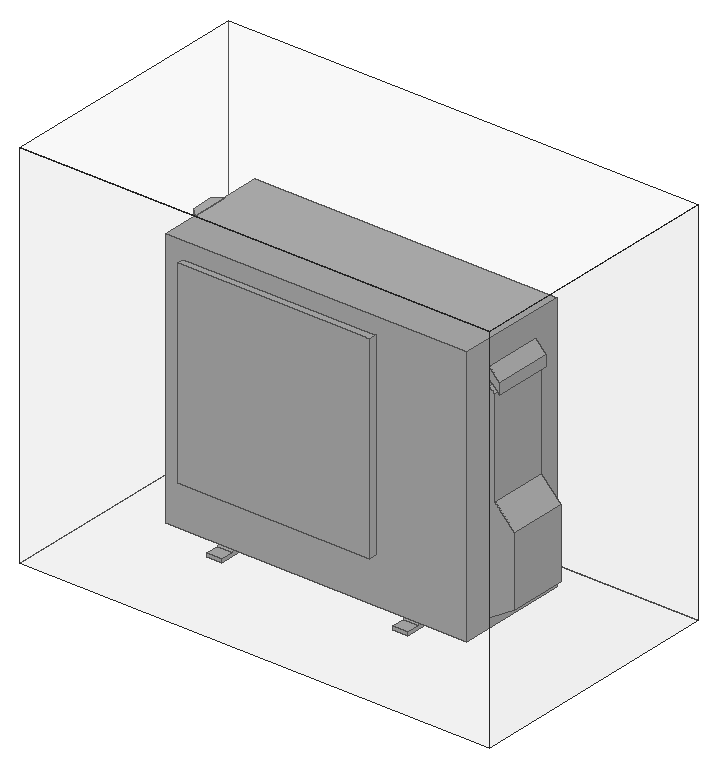
Revit family "ge-u722_50Hz", category 衛生器具, Revit 2019
Family settings
  丸型コネクタ寸法 = 直径を使用
  パーツ タイプ = 標準
  OmniClass 番号 = 23.75.10.17.17.11
  OmniClass タイトル = Heat Pumps, Heating Function
  作業面ベース = いいえ
  常に垂直 = はい
  ロード時にボイドで切り取り = いいえ
  共有 = いいえ
  部屋計算ポイント = いいえ
Parameters (values of type "ヒートポンプユニット_GE-U722_単相")
  騒音レベル(dB(A)) = 47
  電源種別 = "一般"
  電圧_補機 = 0 V
  電圧 = 0 V
  電動機出力_送風機 = 0.05 kW
  電動機出力_圧縮機 = 1.30 kW
  運転質量 = 55.00 kg
  質量 = 0.00 kg
  貯湯量 = 0.0 L
  負荷分類 = 1_熱源類
  耐震強度 = 0
  給湯量 [instance] = 0.0 L
  給湯能力 = 7.20 kW
  給湯管径 = 0 mm
  温水配管 = no
  温水出口温度_一次側 = 0 °C
  温水入口温度_一次側 = 0 °C
  減圧弁圧力 = 0.0 Pa
  沸き上げ温度範囲 = "約65～85℃"
  水配管 = no
  機械基礎質量 = 0
  機械基礎_W = 0 mm
  機械基礎_H = 0 mm
  機械基礎_D = 0 mm
  構成品番 = "GE-U722"
  極数 = 3
  最高給水圧力 = 0 kPa
  最高使用圧力 = 0.0 Pa
  最大電流値 = 0 A
  最低使用圧力 [instance] = 0 kPa
  推奨ブレーカー容量 = 0 A
  排水配管 = no
  排水管径 = 16 mm
  排気配管 = no
  名称 [instance] = ""
  吊り位置X = 500 mm
  吊り位置Y = 330 mm
  付属品_防振装置 = ""
  上水量 = 0.0 L
  上水管径 = 0 mm
  ユニット３ [instance] = no
  ユニット２ [instance] = no
  ユニット数 = 1
  ヒートポンプユニット運転音 冬期高温 （dB(A)) = 47
  ヒートポンプユニット運転音 冬期標準 （dB(A)) = 47
  ヒートポンプユニット運転音 中間期標準 （dB(A)) = 44
  ケーブルサイズ = 0 mm
  URL = "https://www.mitsubishielectric.co.jp/ldg/wink/ssl/displayProduct.do?pid=254748"
  S寸法 = 0 mm
  FamilyVersion = "ver1.6"
  説明 = "自然冷媒CO２小型業務用ヒートポンプ給湯機"
  設置方法 = "床置"
  記号 [instance] = ""
  製造元 = "三菱電機株式会社"
  製品質量 = 55.00 kg
  製品出荷対象 = "国内"
  製品リリース年月 = "2015/02/27"
  製品グループ = ""
  系統 [instance] = ""
  符号 = "WHP"
  積算_科目 = "8 給湯設備"
  積算_拾い区分 [instance] = ""
  盤記号 [instance] = ""
  発停方法 = ""
  特殊仕様 [instance] = ""
  消費電力 = 1.67 kW
  法定耐用年数 = "15"
  材質 [instance] = ""
  形式 = "業務用ヒートポンプ給湯機"
  幹線記号 = ""
  始動方式 = ""
  呼称 = "ヒートポンプ給湯機"
  周波数 = 50 Hz
  参照している仕様書等のバージョン = "公共建築工事標準仕様書（機械設備工事編）平成31年度版"
  分類コード = "50056502300030"
  分類グループ = ""
  企業コード = "108420"
  仕様書バージョン = "Version1.0"
  Model = ""
  サービススペース = yes
  コメント [instance] = ""
  Width = 879 mm
  Version = ""
  Uniclass2015Version = "Systems v1.9"
  Uniclass2015Title = "Air to water heat pumps"
  Uniclass2015Code = "Pr_70_60_37_04"
  SpecificationReference = ""
  SpecificationDescription = ""
  Revision = ""
  ProductInformation = ""
  OmniClassCode = "23-33 17 11 11"
  IfcTypeProduct = ""
  IfcProduct = ""
  IfcExportType = "USERDEFINED"
  IfcExportAs = "IfcPumpType"
  Height = 715 mm
  Depth = 300 mm
  価格 = 0
  Clearance Top = 1000 mm
  Clearance Right = 300 mm
  Clearance Left = 150 mm
  Clearance Front = 300 mm
  Clearance Bottom = 0 mm
  Clearance Back = 100 mm
  Author = "三菱電機株式会社"
Types (3, lengths in mm): name | 運転質量 | 構成品番 | URL | 製品質量
  (no name) | 55.00 kg | "GE-U722" | "https://www.mitsubishielectric.co.jp/ldg/wink/ssl/displayProduct.do?pid=254748" | 55.00 kg
  ヒートポンプユニット_GE-U722S_三相 | 53.00 kg | "GE-U722S" | "https://www.mitsubishielectric.co.jp/ldg/wink/ssl/displayProduct.do?pid=254749" | 53.00 kg
  ヒートポンプユニット_GE-U722_単相 | 55.00 kg | "GE-U722" | "https://www.mitsubishielectric.co.jp/ldg/wink/ssl/displayProduct.do?pid=254748" | 55.00 kg
Reference planes
  plane 1 "中心(正面/背面)": y = 0
  plane 2: z = 0
  plane 3 "中心(左/右)": x = 0
  plane 4: z = 715
  plane 5: z = 0
  plane 6: z = 0
  plane 7: z = 1000
  plane 8: x = 404.5
  plane 9: y = 0
  plane 10: y = -300
  plane 11: y = -300
  plane 12: x = 404.5
  plane 13: x = -554.5
  plane 14: x = 704.5
  plane 15: y = 100
  plane 16: y = -600
  plane 17: x = -404.5
  plane 18: y = -315
  plane 19: x = -250
  plane 20: x = 250
  plane 21: x = 474.5
  plane 22: y = 0
Dimensions and locks
  "Height": plane 4 to level
  level to plane 6 = 0 mm
  "Clearance Right": plane 8 to plane 14
  "Clearance Front": plane 16 to plane 11
  "Clearance Left": plane 13 to plane 17
  equal spacing: plane 17, plane 3 "中心(左/右)", plane 12
  "Clearance Back": plane 9 to plane 15
  equal spacing: plane 19, plane 3 "中心(左/右)", plane 20
  "吊り位置X": plane 19 to plane 20
  "Clearance Top": plane 7 to level
  "Width": plane 17 to plane 21
  "Depth": plane 11 to plane 22
  "吊り位置Y": nested 2 to plane 22
  aligned and locked: level to plane 2
  aligned and locked: plane 13 to nested 1
  aligned and locked: plane 14 to nested 1
  aligned and locked: plane 16 to nested 1
  aligned and locked: plane 15 to nested 1
  aligned and locked: nested 2 to plane 20
  aligned and locked: plane 19 to nested 2
  aligned and locked: plane 9 to nested 3
  aligned and locked: nested 1 to plane 7
Nested families
  nested 1: "サービススペース" at (75, -250, 500), visible <- "サービススペース", type "サービススペース"
    with Width 1259 mm, Height 1000 mm, Depth 700 mm
  nested 2: "固定点" at (-250, -330, 0), D <- "吊り位置Y", W <- "吊り位置X", type "固定点"
    with W 500 mm, D 330 mm
  nested 3: "ヒートポンプユニット" at (0, 0, 0), type "ヒートポンプユニット"
Connectors
  electrical at (439.5, -63, 247), driven by "負荷分類", driven by "電圧", driven by "消費電力", driven by "極数"
    settings: on nested 3, index 1, voltage 0 V, apparent load 1670 VA, apparent load phase1 0 VA, apparent load phase2 0 VA, apparent load phase3 0 VA, power factor 1, load classification "1_熱源類", number of poles 3, system type 30, power factor state 1, is connector primary yes, connector utility no, sub classification motor no, connector description ""
  piping at (439.5, -63, 207), driven by "給湯管径"
    settings: on nested 3, index 2, connector diameter 0 mm, connector inside diameter 609.6 mm, connector length 0 mm, flow factor 0, pipe flow 0.0 L/s, pressure drop 0 kPa, fitting loss kfactor 0, connector angle 0.00°, fixture units 0, engagement length 0 mm, angle of deflection 0.00°, flow configuration 1, flow direction 2, fitting loss method 4, system type 7, joint type 0, gender type 0, connector reference index -1, connector utility 0, adjustable connector no, is connector primary yes, connector description ""
  piping at (439.5, -63, 127), driven by "上水管径"
    settings: on nested 3, index 4, connector diameter 0 mm, connector inside diameter 609.6 mm, connector length 0 mm, flow factor 0, pipe flow 0.0 L/s, pressure drop 0 kPa, fitting loss kfactor 0, connector angle 0.00°, fixture units 0, engagement length 0 mm, angle of deflection 0.00°, flow configuration 1, flow direction 1, fitting loss method 4, system type 7, joint type 0, gender type 0, connector reference index -1, connector utility 0, adjustable connector no, is connector primary no, connector description ""
  piping at (0, 3.507, -16.056), diameter 16, driven by "排水管径"
    settings: on nested 3, index 5, connector inside diameter 609.6 mm, connector length 0 mm, flow factor 0, pipe flow 0.0 L/s, pressure drop 0 kPa, fitting loss kfactor 0, connector angle 0.00°, fixture units 0, engagement length 0 mm, angle of deflection 0.00°, flow configuration 1, flow direction 2, fitting loss method 4, system type 16, joint type 0, gender type 0, connector reference index -1, connector utility 0, adjustable connector no, is connector primary no, connector description ""
Definition of nested family "サービススペース"
  Parameters (values of type "サービススペース")
    Width [instance] = 500 mm
    Height [instance] = 500 mm
    Depth [instance] = 500 mm
  Reference planes
    plane 1 "中心(正面/背面)": y = 0
    plane 2: z = 0
    plane 3 "中心(左/右)": x = 0
    plane 4: y = -250
    plane 5: x = 250
    plane 6: y = 250
    plane 7: x = -250
    plane 8: z = 250
    plane 9: z = -250
  Forms (mm)
    Extrusion 1, solid
      sketch origin (-638.939, 0, 72.39) x (1, 0, 0) y (0, 1, 0)
        loop
          line (388.939, 250) -> (388.939, -250) -> (888.939, -250) -> (888.939, 250) -> (388.939, 250)
      from -322.39 to 177.61
  Lines and regions (mm)
    symbolic lines
      curve 1: line (-250, 0, 250) -> (250, 0, 250)
      curve 2: line (-250, 0, -250) -> (-250, 0, 250)
      curve 3: line (250, 0, -250) -> (-250, 0, -250)
      curve 4: line (250, 0, 250) -> (250, 0, -250)
      curve 5: line (0, -250, 250) -> (0, 250, 250)
      curve 6: line (0, -250, -250) -> (0, -250, 250)
      curve 7: line (0, 250, -250) -> (0, -250, -250)
      curve 8: line (0, 250, 250) -> (0, 250, -250)
      curve 9: line (-250, 250, 0) -> (250, 250, 0)
      curve 10: line (-250, -250, 0) -> (-250, 250, 0)
      curve 11: line (250, -250, 0) -> (-250, -250, 0)
      curve 12: line (250, 250, 0) -> (250, -250, 0)
  Dimensions and locks
    equal spacing: plane 7, plane 3 "中心(左/右)", plane 5
    equal spacing: plane 4, plane 1 "中心(正面/背面)", plane 6
    "Depth": plane 4 to plane 6
    "Width": plane 7 to plane 5
    equal spacing: plane 8, plane 2, plane 9
    "Height": plane 8 to plane 9
    aligned and locked: plane 9 to curve 3
    aligned and locked: plane 7 to curve 2
    aligned and locked: curve 4 to plane 5
    aligned and locked: plane 5 to Extrusion 1
    aligned and locked: Extrusion 1 to plane 7
    aligned and locked: Extrusion 1 to plane 9
    aligned and locked: plane 8 to Extrusion 1
    aligned and locked: plane 9 to curve 7
  Automatic sketch dimensions
    plane 4 to Extrusion 1 sketch curve = 0 mm
    Extrusion 1 sketch curve to plane 7 = 0 mm
    Extrusion 1 sketch curve to plane 5 = 0 mm
    plane 6 to Extrusion 1 sketch curve = 0 mm
    curve 2 to plane 8 = 0 mm
    plane 4 to curve 11 = 0 mm
    curve 11 to plane 7 = 0 mm
    curve 11 to plane 5 = 0 mm
    plane 6 to curve 10 = 0 mm
    curve 7 to plane 4 = 0 mm
    curve 7 to plane 6 = 0 mm
    curve 6 to plane 8 = 0 mm
Definition of nested family "ヒートポンプユニット"
  Parameters (values of type "ヒートポンプユニット")
    ﾋｰﾄﾎﾟﾝﾌﾟﾕﾆｯﾄ配管口(B)_Z = 207 mm
    ﾋｰﾄﾎﾟﾝﾌﾟﾕﾆｯﾄ配管口(A) = 127 mm
    本体高さ = 715 mm
    本体幅 = 809 mm
    本体奥行 = 300 mm
  Reference planes
    plane 1 "中心(正面/背面)": y = 0
    plane 2: z = 0
    plane 3 "中心(左/右)": x = 0
    plane 4: y = -300
    plane 5: x = -404.5
    plane 6: x = 404.5
    plane 7: x = -250
    plane 8: x = 250
    plane 9: y = -315
    plane 10: y = 15
    plane 11: y = 30
    plane 12: y = -330
    plane 13: x = -425.5
    plane 14: x = 474.5
    plane 15: z = 406
    plane 16: z = 715
    plane 17: z = 127
    plane 18: z = 207
    plane 19: x = 269.5
    plane 20: x = 229.5
    plane 21: x = -269.5
    plane 22: x = -229.5
    plane 23: x = 439.5
    plane 24: z = 247
  Forms (mm)
    Extrusion 1, solid
      sketch origin (0, -150, 0) x (1, 0, 0) y (0, 0, 1)
        loop
          line (-404.5, 715) -> (-404.5, 20) -> (404.5, 20) -> (404.5, 715) -> (-404.5, 715)
      from -150 to 150
    Extrusion 2, solid
      sketch origin (0, -150, 0) x (0, 1, 0) y (0, 0, 1)
        loop
          line (-180, 0) -> (0, 0) -> (180, 0) -> (180, 8) -> (143.237, 8) -> (136.309, 20) -> (0, 20) -> (-136.309, 20) -> (-143.237, 8) -> (-180, 8) -> (-180, 0)
      from 229.5 to 269.5
    Extrusion 3, solid
      sketch origin (0, -150, 0) x (0, 1, 0) y (0, 0, -1)
        loop
          line (-180, 0) -> (-180, -8) -> (-143.237, -8) -> (-136.309, -20) -> (0, -20) -> (136.309, -20) -> (143.237, -8) -> (180, -8) -> (180, 0) -> (0, 0) -> (-180, 0)
      from 229.5 to 269.5
    Extrusion 4, solid
      sketch origin (-357.101, -150, 0) x (0, 1, 0) y (0, 0, 1)
        loop
          line (-150, 670) -> (-170, 670) -> (-170, 142) -> (-150, 142) -> (-150, 670)
      from 0 to 516
    Extrusion 5, solid
      sketch origin (2.5, -150, 0) x (1, 0, 0) y (0, 0, 1)
        loop
          line (402, 45) -> (472, 88.741) -> (472, 273.028) -> (417.5, 327.528) -> (417.5, 587.528) -> (402, 603.028) -> (402, 45)
        loop
          line (402, 620) -> (417.5, 604.5) -> (431.642, 590.358) -> (431.642, 620.358) -> (402, 650) -> (402, 620)
      from -77 to 77
    Extrusion 6, solid
      sketch origin (0, -150, 0) x (1, 0, 0) y (0, 1, 0)
        loop
          line (-404.5, -49.5) -> (-404.5, 49.5) -> (-425.5, 28.5) -> (-425.5, -28.5) -> (-404.5, -49.5)
      from 689 to 715
    Extrusion 7, solid
      sketch origin (0, -150, 0) x (1, 0, 0) y (0, 0, 1)
        loop
          circle (439.5, 127) r 10.85
      from -77 to -87
    Extrusion 8, solid
      sketch origin (0, -150, 80) x (1, 0, 0) y (0, 0, 1)
        loop
          circle (439.5, 127) r 10.85
      from -77 to -87
    Sweep 9, solid
      path origin (0, -150, 0) x (0, 1, 0) y (0, 0, 1)
        loop
          line (93, 20) -> (93, -5.173)
          arc (93, -5.173) -> (95.867, -12.182) -> (102.825, -15.172) r 10
          line (102.825, -15.172) -> (153.507, -16.056)
      profile origin (0, -57, 7.413) x (1, 0, 0) y (0, 1, 0)
        loop
          circle (0, 0) r 8
    Extrusion 10, solid
      sketch origin (0, -150, 120) x (1, 0, 0) y (0, 0, 1)
        loop
          circle (439.5, 127) r 10.85
      from -77 to -87
  Lines and regions (mm)
    model lines, detail levels fine
      curve 1: line (-327.101, -320, 670) -> (-327.101, -320, 142)
      curve 2: line (-296.447, -320, 670) -> (-296.447, -320, 142)
      curve 3: line (-265.793, -320, 670) -> (-265.793, -320, 142)
      curve 4: line (-235.139, -320, 670) -> (-235.139, -320, 142)
      curve 5: line (-204.485, -320, 670) -> (-204.485, -320, 142)
      curve 6: line (-173.832, -320, 670) -> (-173.832, -320, 142)
      curve 7: line (-143.178, -320, 670) -> (-143.178, -320, 142)
      curve 8: line (-112.524, -320, 670) -> (-112.524, -320, 142)
      curve 9: line (-81.87, -320, 670) -> (-81.87, -320, 142)
      curve 10: line (-51.216, -320, 670) -> (-51.216, -320, 142)
      curve 11: line (-20.562, -320, 670) -> (-20.562, -320, 142)
      curve 12: line (10.092, -320, 670) -> (10.092, -320, 142)
      curve 13: line (40.745, -320, 670) -> (40.745, -320, 142)
      curve 14: line (-357.101, -320, 631.463) -> (158.899, -320, 631.463)
      curve 15: line (-357.101, -320, 546.463) -> (158.899, -320, 546.463)
      curve 16: line (-357.101, -320, 451.463) -> (158.899, -320, 451.463)
      curve 17: line (-357.101, -320, 183.537) -> (158.899, -320, 183.537)
      curve 18: line (-357.101, -320, 268.537) -> (158.899, -320, 268.537)
      curve 19: line (-357.101, -320, 363.537) -> (158.899, -320, 363.537)
      curve 20: line (-357.101, -320, 670) -> (158.899, -320, 670)
      curve 21: line (158.899, -320, 670) -> (158.899, -320, 142)
      curve 22: line (158.899, -320, 142) -> (-357.101, -320, 142)
      curve 23: line (-357.101, -320, 142) -> (-357.101, -320, 670)
      curve 24: line (71.399, -320, 670) -> (71.399, -320, 142)
      curve 25: line (102.053, -320, 670) -> (102.053, -320, 142)
      curve 26: line (132.707, -320, 670) -> (132.707, -320, 142)
      curve 27: line (-404.5, -162.5, 669.328) -> (-404.5, -227.5, 669.328)
      curve 28: line (-404.5, -162.5, 650.934) -> (-404.5, -162.5, 669.328)
      curve 29: line (-404.5, -227.5, 650.934) -> (-404.5, -162.5, 650.934)
      curve 30: line (-404.5, -227.5, 669.328) -> (-404.5, -227.5, 650.934)
      curve 31: line (-404.5, -136.25, 669.328) -> (-404.5, -71.25, 669.328)
      curve 32: line (-404.5, -136.25, 650.934) -> (-404.5, -136.25, 669.328)
      curve 33: line (-404.5, -71.25, 650.934) -> (-404.5, -136.25, 650.934)
      curve 34: line (-404.5, -71.25, 669.328) -> (-404.5, -71.25, 650.934)
      curve 35: line (-404.5, -162.5, 639.328) -> (-404.5, -227.5, 639.328)
      curve 36: line (-404.5, -162.5, 620.934) -> (-404.5, -162.5, 639.328)
      curve 37: line (-404.5, -227.5, 620.934) -> (-404.5, -162.5, 620.934)
      curve 38: line (-404.5, -227.5, 639.328) -> (-404.5, -227.5, 620.934)
      curve 39: line (-404.5, -136.25, 639.328) -> (-404.5, -71.25, 639.328)
      curve 40: line (-404.5, -136.25, 620.934) -> (-404.5, -136.25, 639.328)
      curve 41: line (-404.5, -71.25, 620.934) -> (-404.5, -136.25, 620.934)
      curve 42: line (-404.5, -71.25, 639.328) -> (-404.5, -71.25, 620.934)
      curve 43: line (-404.5, -162.5, 609.328) -> (-404.5, -227.5, 609.328)
      curve 44: line (-404.5, -162.5, 590.934) -> (-404.5, -162.5, 609.328)
      curve 45: line (-404.5, -227.5, 590.934) -> (-404.5, -162.5, 590.934)
      curve 46: line (-404.5, -227.5, 609.328) -> (-404.5, -227.5, 590.934)
      curve 47: line (-404.5, -136.25, 609.328) -> (-404.5, -71.25, 609.328)
      curve 48: line (-404.5, -136.25, 590.934) -> (-404.5, -136.25, 609.328)
      curve 49: line (-404.5, -71.25, 590.934) -> (-404.5, -136.25, 590.934)
      curve 50: line (-404.5, -71.25, 609.328) -> (-404.5, -71.25, 590.934)
      curve 51: line (-404.5, -162.5, 579.328) -> (-404.5, -227.5, 579.328)
      curve 52: line (-404.5, -162.5, 560.934) -> (-404.5, -162.5, 579.328)
      curve 53: line (-404.5, -227.5, 560.934) -> (-404.5, -162.5, 560.934)
      curve 54: line (-404.5, -227.5, 579.328) -> (-404.5, -227.5, 560.934)
      curve 55: line (-404.5, -136.25, 579.328) -> (-404.5, -71.25, 579.328)
      curve 56: line (-404.5, -136.25, 560.934) -> (-404.5, -136.25, 579.328)
      curve 57: line (-404.5, -71.25, 560.934) -> (-404.5, -136.25, 560.934)
      curve 58: line (-404.5, -71.25, 579.328) -> (-404.5, -71.25, 560.934)
      curve 59: line (-404.5, -162.5, 549.328) -> (-404.5, -227.5, 549.328)
      curve 60: line (-404.5, -162.5, 530.934) -> (-404.5, -162.5, 549.328)
      curve 61: line (-404.5, -227.5, 530.934) -> (-404.5, -162.5, 530.934)
      curve 62: line (-404.5, -227.5, 549.328) -> (-404.5, -227.5, 530.934)
      curve 63: line (-404.5, -136.25, 549.328) -> (-404.5, -71.25, 549.328)
      curve 64: line (-404.5, -136.25, 530.934) -> (-404.5, -136.25, 549.328)
      curve 65: line (-404.5, -71.25, 530.934) -> (-404.5, -136.25, 530.934)
      curve 66: line (-404.5, -71.25, 549.328) -> (-404.5, -71.25, 530.934)
      curve 67: line (-404.5, -162.5, 519.328) -> (-404.5, -227.5, 519.328)
      curve 68: line (-404.5, -162.5, 500.934) -> (-404.5, -162.5, 519.328)
      curve 69: line (-404.5, -227.5, 500.934) -> (-404.5, -162.5, 500.934)
      curve 70: line (-404.5, -227.5, 519.328) -> (-404.5, -227.5, 500.934)
      curve 71: line (-404.5, -136.25, 519.328) -> (-404.5, -71.25, 519.328)
      curve 72: line (-404.5, -136.25, 500.934) -> (-404.5, -136.25, 519.328)
      curve 73: line (-404.5, -71.25, 500.934) -> (-404.5, -136.25, 500.934)
      curve 74: line (-404.5, -71.25, 519.328) -> (-404.5, -71.25, 500.934)
      curve 75: line (-404.5, -162.5, 489.328) -> (-404.5, -227.5, 489.328)
      curve 76: line (-404.5, -162.5, 470.934) -> (-404.5, -162.5, 489.328)
      curve 77: line (-404.5, -227.5, 470.934) -> (-404.5, -162.5, 470.934)
      curve 78: line (-404.5, -227.5, 489.328) -> (-404.5, -227.5, 470.934)
      curve 79: line (-404.5, -136.25, 489.328) -> (-404.5, -71.25, 489.328)
      curve 80: line (-404.5, -136.25, 470.934) -> (-404.5, -136.25, 489.328)
      curve 81: line (-404.5, -71.25, 470.934) -> (-404.5, -136.25, 470.934)
      curve 82: line (-404.5, -71.25, 489.328) -> (-404.5, -71.25, 470.934)
      curve 83: line (-404.5, -162.5, 459.328) -> (-404.5, -227.5, 459.328)
      curve 84: line (-404.5, -162.5, 440.934) -> (-404.5, -162.5, 459.328)
      curve 85: line (-404.5, -227.5, 440.934) -> (-404.5, -162.5, 440.934)
      curve 86: line (-404.5, -227.5, 459.328) -> (-404.5, -227.5, 440.934)
      curve 87: line (-404.5, -136.25, 459.328) -> (-404.5, -71.25, 459.328)
      curve 88: line (-404.5, -136.25, 440.934) -> (-404.5, -136.25, 459.328)
      curve 89: line (-404.5, -71.25, 440.934) -> (-404.5, -136.25, 440.934)
      curve 90: line (-404.5, -71.25, 459.328) -> (-404.5, -71.25, 440.934)
      curve 91: line (-404.5, -162.5, 429.328) -> (-404.5, -227.5, 429.328)
      curve 92: line (-404.5, -162.5, 410.934) -> (-404.5, -162.5, 429.328)
      curve 93: line (-404.5, -227.5, 410.934) -> (-404.5, -162.5, 410.934)
      curve 94: line (-404.5, -227.5, 429.328) -> (-404.5, -227.5, 410.934)
      curve 95: line (-404.5, -136.25, 429.328) -> (-404.5, -71.25, 429.328)
      curve 96: line (-404.5, -136.25, 410.934) -> (-404.5, -136.25, 429.328)
      curve 97: line (-404.5, -71.25, 410.934) -> (-404.5, -136.25, 410.934)
      curve 98: line (-404.5, -71.25, 429.328) -> (-404.5, -71.25, 410.934)
      curve 99: line (-404.5, -162.5, 399.328) -> (-404.5, -227.5, 399.328)
      curve 100: line (-404.5, -162.5, 380.934) -> (-404.5, -162.5, 399.328)
      curve 101: line (-404.5, -227.5, 380.934) -> (-404.5, -162.5, 380.934)
      curve 102: line (-404.5, -227.5, 399.328) -> (-404.5, -227.5, 380.934)
      curve 103: line (-404.5, -136.25, 399.328) -> (-404.5, -71.25, 399.328)
      curve 104: line (-404.5, -136.25, 380.934) -> (-404.5, -136.25, 399.328)
      curve 105: line (-404.5, -71.25, 380.934) -> (-404.5, -136.25, 380.934)
      curve 106: line (-404.5, -71.25, 399.328) -> (-404.5, -71.25, 380.934)
      curve 107: line (-404.5, -162.5, 369.328) -> (-404.5, -227.5, 369.328)
      curve 108: line (-404.5, -162.5, 350.934) -> (-404.5, -162.5, 369.328)
      curve 109: line (-404.5, -227.5, 350.934) -> (-404.5, -162.5, 350.934)
      curve 110: line (-404.5, -227.5, 369.328) -> (-404.5, -227.5, 350.934)
      curve 111: line (-404.5, -136.25, 369.328) -> (-404.5, -71.25, 369.328)
      curve 112: line (-404.5, -136.25, 350.934) -> (-404.5, -136.25, 369.328)
      curve 113: line (-404.5, -71.25, 350.934) -> (-404.5, -136.25, 350.934)
      curve 114: line (-404.5, -71.25, 369.328) -> (-404.5, -71.25, 350.934)
      curve 115: line (-404.5, -162.5, 339.328) -> (-404.5, -227.5, 339.328)
      curve 116: line (-404.5, -162.5, 320.934) -> (-404.5, -162.5, 339.328)
      curve 117: line (-404.5, -227.5, 320.934) -> (-404.5, -162.5, 320.934)
      curve 118: line (-404.5, -227.5, 339.328) -> (-404.5, -227.5, 320.934)
      curve 119: line (-404.5, -136.25, 339.328) -> (-404.5, -71.25, 339.328)
      curve 120: line (-404.5, -136.25, 320.934) -> (-404.5, -136.25, 339.328)
      curve 121: line (-404.5, -71.25, 320.934) -> (-404.5, -136.25, 320.934)
      curve 122: line (-404.5, -71.25, 339.328) -> (-404.5, -71.25, 320.934)
      curve 123: line (-404.5, -162.5, 309.328) -> (-404.5, -227.5, 309.328)
      curve 124: line (-404.5, -162.5, 290.934) -> (-404.5, -162.5, 309.328)
      curve 125: line (-404.5, -227.5, 290.934) -> (-404.5, -162.5, 290.934)
      curve 126: line (-404.5, -227.5, 309.328) -> (-404.5, -227.5, 290.934)
      curve 127: line (-404.5, -136.25, 309.328) -> (-404.5, -71.25, 309.328)
      curve 128: line (-404.5, -136.25, 290.934) -> (-404.5, -136.25, 309.328)
      curve 129: line (-404.5, -71.25, 290.934) -> (-404.5, -136.25, 290.934)
      curve 130: line (-404.5, -71.25, 309.328) -> (-404.5, -71.25, 290.934)
      curve 131: line (-404.5, -162.5, 279.328) -> (-404.5, -227.5, 279.328)
      curve 132: line (-404.5, -162.5, 260.934) -> (-404.5, -162.5, 279.328)
      curve 133: line (-404.5, -227.5, 260.934) -> (-404.5, -162.5, 260.934)
      curve 134: line (-404.5, -227.5, 279.328) -> (-404.5, -227.5, 260.934)
      curve 135: line (-404.5, -136.25, 279.328) -> (-404.5, -71.25, 279.328)
      curve 136: line (-404.5, -136.25, 260.934) -> (-404.5, -136.25, 279.328)
      curve 137: line (-404.5, -71.25, 260.934) -> (-404.5, -136.25, 260.934)
      curve 138: line (-404.5, -71.25, 279.328) -> (-404.5, -71.25, 260.934)
      curve 139: line (-404.5, -162.5, 249.328) -> (-404.5, -227.5, 249.328)
      curve 140: line (-404.5, -162.5, 230.934) -> (-404.5, -162.5, 249.328)
      curve 141: line (-404.5, -227.5, 230.934) -> (-404.5, -162.5, 230.934)
      curve 142: line (-404.5, -227.5, 249.328) -> (-404.5, -227.5, 230.934)
      curve 143: line (-404.5, -136.25, 249.328) -> (-404.5, -71.25, 249.328)
      curve 144: line (-404.5, -136.25, 230.934) -> (-404.5, -136.25, 249.328)
      curve 145: line (-404.5, -71.25, 230.934) -> (-404.5, -136.25, 230.934)
      curve 146: line (-404.5, -71.25, 249.328) -> (-404.5, -71.25, 230.934)
      curve 147: line (-404.5, -162.5, 219.328) -> (-404.5, -227.5, 219.328)
      curve 148: line (-404.5, -162.5, 200.934) -> (-404.5, -162.5, 219.328)
      curve 149: line (-404.5, -227.5, 200.934) -> (-404.5, -162.5, 200.934)
      curve 150: line (-404.5, -227.5, 219.328) -> (-404.5, -227.5, 200.934)
      curve 151: line (-404.5, -136.25, 219.328) -> (-404.5, -71.25, 219.328)
      curve 152: line (-404.5, -136.25, 200.934) -> (-404.5, -136.25, 219.328)
      curve 153: line (-404.5, -71.25, 200.934) -> (-404.5, -136.25, 200.934)
      curve 154: line (-404.5, -71.25, 219.328) -> (-404.5, -71.25, 200.934)
      curve 155: line (-404.5, -162.5, 189.328) -> (-404.5, -227.5, 189.328)
      curve 156: line (-404.5, -162.5, 170.934) -> (-404.5, -162.5, 189.328)
      curve 157: line (-404.5, -227.5, 170.934) -> (-404.5, -162.5, 170.934)
      curve 158: line (-404.5, -227.5, 189.328) -> (-404.5, -227.5, 170.934)
      curve 159: line (-404.5, -136.25, 189.328) -> (-404.5, -71.25, 189.328)
      curve 160: line (-404.5, -136.25, 170.934) -> (-404.5, -136.25, 189.328)
      curve 161: line (-404.5, -71.25, 170.934) -> (-404.5, -136.25, 170.934)
      curve 162: line (-404.5, -71.25, 189.328) -> (-404.5, -71.25, 170.934)
      curve 163: line (-404.5, -162.5, 159.328) -> (-404.5, -227.5, 159.328)
      curve 164: line (-404.5, -162.5, 140.934) -> (-404.5, -162.5, 159.328)
      curve 165: line (-404.5, -227.5, 140.934) -> (-404.5, -162.5, 140.934)
      curve 166: line (-404.5, -227.5, 159.328) -> (-404.5, -227.5, 140.934)
      curve 167: line (-404.5, -136.25, 159.328) -> (-404.5, -71.25, 159.328)
      curve 168: line (-404.5, -136.25, 140.934) -> (-404.5, -136.25, 159.328)
      curve 169: line (-404.5, -71.25, 140.934) -> (-404.5, -136.25, 140.934)
      curve 170: line (-404.5, -71.25, 159.328) -> (-404.5, -71.25, 140.934)
      curve 171: line (-404.5, -162.5, 129.328) -> (-404.5, -227.5, 129.328)
      curve 172: line (-404.5, -162.5, 110.934) -> (-404.5, -162.5, 129.328)
      curve 173: line (-404.5, -227.5, 110.934) -> (-404.5, -162.5, 110.934)
      curve 174: line (-404.5, -227.5, 129.328) -> (-404.5, -227.5, 110.934)
      curve 175: line (-404.5, -136.25, 129.328) -> (-404.5, -71.25, 129.328)
      curve 176: line (-404.5, -136.25, 110.934) -> (-404.5, -136.25, 129.328)
      curve 177: line (-404.5, -71.25, 110.934) -> (-404.5, -136.25, 110.934)
      curve 178: line (-404.5, -71.25, 129.328) -> (-404.5, -71.25, 110.934)
      curve 179: line (-404.5, -162.5, 99.328) -> (-404.5, -227.5, 99.328)
      curve 180: line (-404.5, -162.5, 80.934) -> (-404.5, -162.5, 99.328)
      curve 181: line (-404.5, -227.5, 80.934) -> (-404.5, -162.5, 80.934)
      curve 182: line (-404.5, -227.5, 99.328) -> (-404.5, -227.5, 80.934)
      curve 183: line (-404.5, -136.25, 99.328) -> (-404.5, -71.25, 99.328)
      curve 184: line (-404.5, -136.25, 80.934) -> (-404.5, -136.25, 99.328)
      curve 185: line (-404.5, -71.25, 80.934) -> (-404.5, -136.25, 80.934)
      curve 186: line (-404.5, -71.25, 99.328) -> (-404.5, -71.25, 80.934)
  Dimensions and locks
    equal spacing: plane 5, plane 3 "中心(左/右)", plane 6
    "本体幅": plane 5 to plane 6
    equal spacing: plane 7, plane 3 "中心(左/右)", plane 8
    plane 7 to plane 8 = 500 mm
    "本体奥行": plane 4 to plane 1 "中心(正面/背面)"
    locked: plane 9 to plane 10 at 330
    locked: plane 12 to plane 11 at 360
    plane 1 "中心(正面/背面)" to plane 10 to plane 11 = 15 mm, 15 mm
    plane 12 to plane 9 to plane 4 = 15 mm locked, 15 mm locked
    plane 13 to plane 5 = 21 mm
    plane 6 to plane 14 = 70 mm
    plane 15 to plane 2 = 406 mm
    "本体高さ": plane 16 to level
    "ﾋｰﾄﾎﾟﾝﾌﾟﾕﾆｯﾄ配管口(A)": plane 17 to plane 2
    "ﾋｰﾄﾎﾟﾝﾌﾟﾕﾆｯﾄ配管口(B)_Z": plane 18 to plane 2
    plane 22 to plane 21 = 40 mm
    plane 20 to plane 19 = 40 mm
    plane 6 to plane 23 = 35 mm
    locked: plane 24 to plane 18 at 40
    aligned and locked: level to plane 2
    aligned and locked: plane 12 to Extrusion 3
    aligned and locked: Extrusion 3 to plane 11
    aligned and locked: Extrusion 2 to plane 11
    aligned and locked: plane 12 to Extrusion 2
    aligned and locked: Extrusion 6 to plane 13
    aligned and locked: Extrusion 5 to plane 14
    aligned and locked: plane 19 to Extrusion 2
    aligned and locked: plane 20 to Extrusion 2
    aligned and locked: plane 22 to Extrusion 3
    aligned and locked: Extrusion 3 to plane 21
    aligned and locked: plane 18 to Extrusion 8 sketch curve
    aligned and locked: plane 23 to Extrusion 8 sketch curve
    aligned and locked: plane 17 to Extrusion 7 sketch curve
    aligned and locked: plane 23 to Extrusion 7 sketch curve
    aligned and locked: plane 24 to Extrusion 10 sketch curve
    aligned and locked: plane 23 to Extrusion 10 sketch curve
  Automatic sketch dimensions
    Extrusion 1 sketch curve to plane 5 = 0 mm
    plane 6 to Extrusion 1 sketch curve = 0 mm
    Extrusion 1 sketch curve to plane 16 = 0 mm
    level to Extrusion 1 sketch curve = 20 mm
    Extrusion 2 sketch curve to level = 0 mm
    Extrusion 2 sketch curve to plane 12 = 0 mm
    Extrusion 2 sketch curve to plane 11 = 0 mm
    Extrusion 2 sketch curve to plane 4 = 6.763 mm
    Extrusion 2 sketch curve to plane 4 = 13.691 mm
    Extrusion 2 sketch curve to Extrusion 2 sketch curve = 136.309 mm
    Extrusion 2 sketch curve to Extrusion 2 sketch curve = 0 mm
    plane 1 "中心(正面/背面)" to Extrusion 2 sketch curve = 13.691 mm
    plane 1 "中心(正面/背面)" to Extrusion 2 sketch curve = 6.763 mm
    level to Extrusion 2 sketch curve = 8 mm  (x2)
    Extrusion 2 sketch curve to Extrusion 2 sketch curve = 12 mm
    Extrusion 3 sketch curve to level = 0 mm
    Extrusion 3 sketch curve to plane 12 = 0 mm
    Extrusion 3 sketch curve to plane 11 = 0 mm
    Extrusion 3 sketch curve to plane 4 = 6.763 mm
    Extrusion 3 sketch curve to plane 4 = 13.691 mm
    Extrusion 3 sketch curve to Extrusion 3 sketch curve = 136.309 mm
    Extrusion 3 sketch curve to Extrusion 3 sketch curve = 0 mm
    plane 1 "中心(正面/背面)" to Extrusion 3 sketch curve = 13.691 mm
    plane 1 "中心(正面/背面)" to Extrusion 3 sketch curve = 6.763 mm
    level to Extrusion 3 sketch curve = 8 mm  (x2)
    Extrusion 3 sketch curve to Extrusion 3 sketch curve = 12 mm
    Extrusion 4 sketch curve to plane 4 = 0 mm
    plane 9 to Extrusion 4 sketch curve = 5 mm
    plane 17 to Extrusion 4 sketch curve = 15 mm
    Extrusion 4 sketch curve to plane 16 = 45 mm
    curve 20 to Extrusion 4 = 0 mm
    Extrusion 4 to curve 14 = 0 mm
    curve 14 to Extrusion 4 = 0 mm
    curve 22 to Extrusion 4 = 0 mm
    curve 20 to curve 14 = 38.537 mm
    curve 14 to curve 15 = 85 mm
    curve 15 to curve 16 = 95 mm
    curve 16 to curve 19 = 87.925 mm
    curve 19 to curve 18 = 95 mm
    curve 17 to curve 22 = 41.537 mm
    plane 6 to Extrusion 5 sketch curve = 0 mm  (x2)
    plane 14 to Extrusion 5 sketch curve = 0 mm
    Extrusion 5 sketch curve to plane 6 = 15.5 mm  (x2)
    plane 23 to Extrusion 5 sketch curve = 5.358 mm
    level to Extrusion 5 sketch curve = 45 mm
    Extrusion 5 sketch curve to plane 17 = 38.259 mm
    plane 18 to Extrusion 5 sketch curve = 66.028 mm
    Extrusion 5 sketch curve to Extrusion 5 sketch curve = 54.5 mm
    Extrusion 5 sketch curve to plane 16 = 127.472 mm
    Extrusion 5 sketch curve to Extrusion 5 sketch curve = 2.83 mm
    Extrusion 5 sketch curve to Extrusion 5 sketch curve = 15.5 mm
    Extrusion 5 sketch curve to Extrusion 5 sketch curve = 1.472 mm
    Extrusion 5 sketch curve to Extrusion 5 sketch curve = 16.972 mm
    Extrusion 5 sketch curve to Extrusion 5 sketch curve = 15.858 mm
    Extrusion 5 sketch curve to Extrusion 5 sketch curve = 30 mm
    Extrusion 6 sketch curve to plane 13 = 0 mm
    Extrusion 6 sketch curve to plane 5 = 0 mm
    Extrusion 6 sketch curve to plane 4 = 100.5 mm
    Extrusion 6 sketch curve to Extrusion 6 sketch curve = 21 mm  (x2)
    Extrusion 6 sketch curve to Extrusion 6 sketch curve = 57 mm
    Sweep 9 sketch curve to level = 5.173 mm
    plane 1 "中心(正面/背面)" to Sweep 9 sketch curve = 57 mm
    Sweep 9 sketch curve to level = 15.172 mm
    Sweep 9 sketch curve to Sweep 9 sketch curve = 9.825 mm
    Sweep 9 sketch curve to plane 1 "中心(正面/背面)" = 3.507 mm
    Sweep 9 sketch curve to level = 16.056 mm
    level to Sweep 9 sketch curve = 20 mm
    profile plane to Sweep 9 sketch curve = 0 mm
    Sweep 9 sketch curve to profile plane = 0 mm
    radius of Extrusion 7 sketch curve = 10.85 mm
    radius of Extrusion 8 sketch curve = 10.85 mm
    radius of Sweep 9 sketch curve = 8 mm
    radius of Extrusion 10 sketch curve = 10.85 mm
Definition of nested family "固定点"
  Parameters (values of type "固定点")
    中心円 = 20 mm
    W [instance] = 1000 mm
    D [instance] = 1000 mm
  Reference planes
    plane 1 "中心(正面/背面)": y = 0
    plane 2: z = 0
    plane 3 "中心(左/右)": x = 0
    plane 4: x = 1000
    plane 5: y = 1000
  Lines and regions (mm)
    symbolic lines, detail levels fine
      curve 1: line (-200, 1000, 0) -> (1200, 1000, 0)
      curve 2: line (-200, 0, 0) -> (1200, 0, 0)
      curve 3: line (0, 1200, 0) -> (0, -200, 0)
      curve 4: line (1000, 1200, 0) -> (1000, -200, 0)
    model lines, detail levels fine
      curve 5: circle (0, 1000, 0) r 10 normal (0, 0, 1)
      curve 6: circle (1000, 1000, 0) r 10 normal (0, 0, 1)
      curve 7: circle (1000, 0, 0) r 10 normal (0, 0, 1)
      curve 8: circle (0, 0, 0) r 10 normal (0, 0, 1)
  Dimensions and locks
    "W": plane 3 "中心(左/右)" to plane 4
    "D": plane 1 "中心(正面/背面)" to plane 5
    "中心円": diameter of curve 5
    "中心円": diameter of curve 8
    "中心円": diameter of curve 7
    "中心円": diameter of curve 6
    aligned and locked: level to plane 2
    aligned and locked: plane 1 "中心(正面/背面)" to curve 2
    aligned and locked: curve 3 to plane 3 "中心(左/右)"
    aligned and locked: curve 4 to plane 4
    aligned and locked: plane 1 "中心(正面/背面)" to curve 8
    aligned and locked: plane 3 "中心(左/右)" to curve 8
    aligned and locked: plane 1 "中心(正面/背面)" to curve 7
    aligned and locked: plane 4 to curve 7
    aligned and locked: plane 5 to curve 6
    aligned and locked: plane 4 to curve 6
    aligned and locked: plane 3 "中心(左/右)" to curve 5
    aligned and locked: plane 5 to curve 5
  Automatic sketch dimensions
    curve 1 to plane 5 = 0 mm
    curve 1 to plane 3 "中心(左/右)" = 200 mm
    curve 2 to plane 3 "中心(左/右)" = 200 mm
    curve 6 to curve 1 = 200 mm
    curve 7 to curve 2 = 200 mm
    plane 1 "中心(正面/背面)" to curve 3 = 200 mm
    plane 1 "中心(正面/背面)" to curve 4 = 200 mm
    curve 6 to curve 4 = 200 mm
    curve 5 to curve 3 = 200 mm
